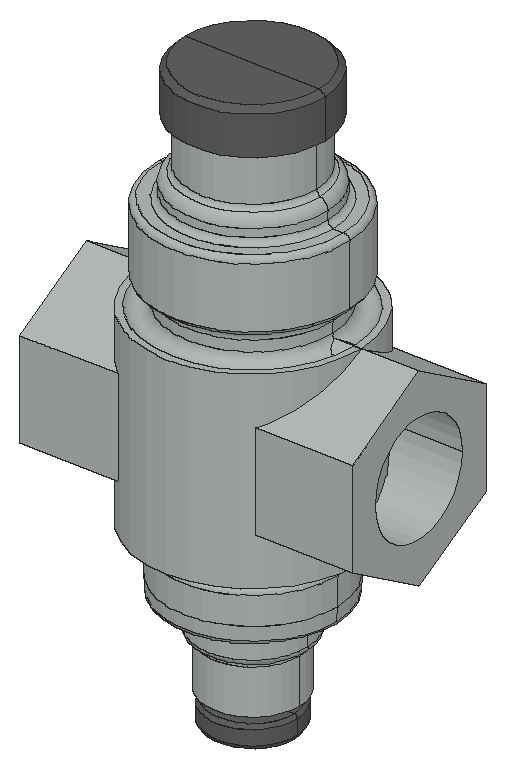
Revit family "HS00580000", category Apparecchi idraulici, Revit 2020
Family settings
  Quota connettore circolare = Usa diametro
  Tipo di parte = Normale
  Numero OmniClass = 23.45.00.00
  Titolo OmniClass = Sanitary, Laundry, and Cleaning Equipment
  Basato su piano di lavoro = No
  Sempre verticale = Sì
  Taglio con vuoti quando caricato = No
  Condiviso = No
  Punto di calcolo locali = No
Parameters
  URL = "https://web.cimberio.it/index.php/figura/1421?subcategoria_id=42"
  Temperatura di esercizio = "0 ÷ 80°C"
  Prospetto di default = 0 mm
  Produttore = "CIMBERIO SPA"
  Pressione nominale = "PN 15"
  Modello = "Cim 1060N"
  Materiale = "Prodotto in lega di ottone conforme alla norma EN 12165-CW617N-DW."
  Descrizione = "Utilizzato nei più svariati settori dell'impiantistica: reti di distribuzione acqua potabile, impianti di riscaldamento, condizionamento, igienico-sanitari e in generale con ogni fluido non corrosivo."
  DN Model [instance] = HS00581020 : HS00581020
  DN [instance] = 20 mm
  Commenti sul tipo = "Realizzato in ottemperanza ai requisiti gestionali della norma EN ISO 9001. Collaudato al 100% secondo la normativa EN 12266-1."
Reference planes
  plane 1 "Centro (Fronte/Retro)": y = 0
  plane 2: z = 0
  plane 3 "Centro (Sinistra/Destra)": x = 0
Dimensions and locks
  aligned and locked: level to plane 2
Nested families
  nested 1: "HS00581020" at (0, 0, 0), type <- "DN Model", type "HS00581020"
  nested 2: "HS00581020" at (0, 0, 0), type <- "DN Model", type "HS00581020"
  nested 3: "HS00581020" at (0, 0, 0), type <- "DN Model", type "HS00581020"
Connectors
  piping at (30, 0, 0), diameter 20, driven by "DN"
    settings: on nested 1, index 1, connector inside diameter 609.6 mm, connector length 0 mm, flow factor 0, pipe flow 0.0 L/s, pressure drop 0.0 Pa, fitting loss kfactor 0, connector angle 0.00°, fixture units 0, engagement length 0 mm, angle of deflection 0.00°, flow configuration 0, flow direction 0, fitting loss method 0, system type 7, joint type 0, gender type 0, connector reference index -1, connector utility 0, adjustable connector no, is connector primary yes, connector description ""
  piping at (-30, 0, 0), diameter 20, driven by "DN"
    settings: on nested 1, index 2, connector inside diameter 609.6 mm, connector length 0 mm, flow factor 0, pipe flow 0.0 L/s, pressure drop 0.0 Pa, fitting loss kfactor 0, connector angle 0.00°, fixture units 0, engagement length 0 mm, angle of deflection 0.00°, flow configuration 0, flow direction 0, fitting loss method 0, system type 7, joint type 0, gender type 0, connector reference index -1, connector utility 0, adjustable connector no, is connector primary no, connector description ""
Definition of nested family "HS00581020"
  Parameters (values of type "HS00581020")
    Default Elevation = 0 mm
  Reference planes
    plane 1 "Centro (Fronte/Retro)": y = 0
    plane 2: z = 0
    plane 3 "Centro (Sinistra/Destra)": x = 0
  Forms (mm)
    Revolve 1, solid
      sketch origin (0, 0, 0) x (1, 0, 0) y (0, 0, 1)
        loop
          line (-2.5, 48.8) -> (-11.5, 48.8) -> (-11.5, 40.342)
          arc (-11.5, 40.342) -> (-11.675, 39.771) -> (-12.14, 39.395) r 1.021
          arc (-12.14, 39.395) -> (-13.095, 38.645) -> (-13.5, 37.5) r 2.176
          line (-13.5, 37.5) -> (-13.5, 36.071)
          arc (-13.5, 36.071) -> (-13.789, 35.338) -> (-14.5, 35) r 1.074
          line (-14.5, 35) -> (-16.5, 35)
          arc (-16.5, 35) -> (-17.207, 34.707) -> (-17.5, 34) r 1
          line (-17.5, 34) -> (-17.5, 23)
          arc (-17.5, 23) -> (-16.933, 22.372) -> (-16.167, 22.014) r 2.126
          arc (-16.167, 22.014) -> (-15.01, 21.301) -> (-14.5, 20.042) r 2.183
          line (-14.5, 20.042) -> (-14.5, 18.13)
          arc (-14.5, 18.13) -> (-16.112, 16.16) -> (-18.363, 17.35) r 2.01
          line (-18.363, 17.35) -> (-19.606, 17.35) -> (-19.606, -17.35) -> (-18.811, -17.35)
          arc (-18.811, -17.35) -> (-18.382, -17.185) -> (-18.068, -16.85) r 1.025
          line (-18.068, -16.85) -> (-17.289, -15.5)
          arc (-17.289, -15.5) -> (-16.921, -15.145) -> (-16.421, -15.039) r 0.927
          arc (-16.421, -15.039) -> (-15.092, -15.651) -> (-14.5, -16.99) r 2.069
          line (-14.5, -16.99) -> (-14.5, -19.821)
          arc (-14.5, -19.821) -> (-15.142, -20.145) -> (-15.4, -20.816) r 1
          line (-15.4, -20.816) -> (-15.4, -25.821) -> (-15.25, -28.321)
          arc (-15.25, -28.321) -> (-15.104, -28.675) -> (-14.75, -28.821) r 0.5
          line (-14.75, -28.821) -> (-11, -28.821)
          arc (-11, -28.821) -> (-10.293, -29.114) -> (-10, -29.821) r 1
          line (-10, -29.821) -> (-10, -34.321)
          arc (-10, -34.321) -> (-9.756, -34.975) -> (-9.144, -35.311) r 1
          arc (-9.144, -35.311) -> (-8.676, -35.686) -> (-8.5, -36.259) r 1.02
          line (-8.5, -36.259) -> (-8.5, -44.321) -> (-4.5, -44.321) -> (-4.5, -45.916) -> (-2.5, -45.916) -> (-2.5, 48.8)
        axis (0, 48.8) -> (0, -45.916)
      angle from 0 to 360
    Extrusion 2, solid
      sketch origin (0, 0, 0) x (0, 1, 0) y (0, 0, 1)
        loop
          circle (0, 0) r 10
        loop
          line (0, 17.35) -> (-15.026, 8.675) -> (-15.026, -8.675) -> (0, -17.35) -> (15.026, -8.675) -> (15.026, 8.675) -> (0, 17.35)
      from -30 to -10.249
    Extrusion 3, solid
      sketch origin (0, 0, 0) x (0, 1, 0) y (0, 0, -1)
        loop
          circle (0, 0) r 10
        loop
          line (0, -17.35) -> (15.026, -8.675) -> (15.026, 8.675) -> (0, 17.35) -> (-15.026, 8.675) -> (-15.026, -8.675) -> (0, -17.35)
      from -30 to -9.313
    Revolve 4, solid
      sketch origin (0, 0, 0) x (1, 0, 0) y (0, 0, 1)
        loop
          line (0, 56.8) -> (-12.15, 56.8) -> (-13.149, 55.8) -> (-13.122, 48.8) -> (0, 48.8) -> (0, 56.8)
        axis (0, 56.8) -> (0, 48.8)
      angle from 0 to 360
    Revolve 5, solid
      sketch origin (0, 0, 0) x (1, 0, 0) y (0, 0, 1)
        loop
          line (0, -45.916) -> (-7.603, -45.916) -> (-8.092, -46.615) -> (-8.092, -49.252) -> (-7.613, -49.936) -> (0, -49.936) -> (0, -45.916)
        axis (0, -45.916) -> (0, -49.936)
      angle from 0 to 360
  Dimensions and locks
    aligned and locked: level to plane 2
